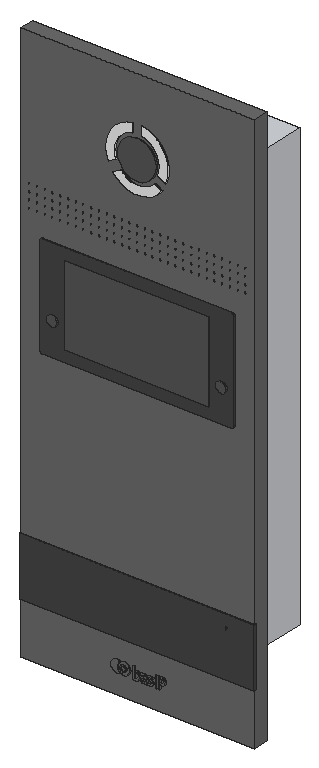
Revit family "BAS-IP_Вызывная панель_AA-12FTI", category Устройства связи, Revit 2019
Family settings
  Сохранять ориентацию аннотаций = Нет
  Размер круглого соединителя = Использовать диаметр
  Тип детали = Нормальный
  На основе рабочей плоскости = Нет
  Всегда вертикально = Да
  При загрузке вырезать с полостями = Нет
  Общий = Нет
  Точка расчета площади = Нет
Parameters (values of type "Черный")
  Цветовое решение = "Черный"
  Цвет = Black silver 2
  Угол обзора камеры = "110° (по горизонтали)"
  УГО_Смещение_Y [instance] = 0 mm
  УГО_Смещение_X [instance] = 0 mm
  Тип установки = "Врезной, накладной с BR-AA12"
  Тип панели = "Многоабонентская"
  Тип клавиатуры = "Пьезоэлектрические кнопки с подсветкой"
  Температурный режим = "-40 – +65 °С"
  Разрешение = "2 Мп"
  Размер самой панели = "158 × 380 × 49 мм"
  Размер под установку = "142 × 358 × 58 мм"
  Потребление питания = "6,5 Вт, в режиме ожидания - 3,6 Вт"
  Питание = "PoE,+12 В постоянного тока"
  Ночная подсветка = "6 светодиодов"
  Минимальная освещенность = "0,01 Люкс"
  Корпус = "Алюминий"
  Класс степени защиты = "IP65"
  Камера = "1/4”"
  Изготовитель = "BAS-IP"  # constant formula
  Зона обслуживания [instance] = no
  Дисплей = "4,3” TFT, цветной с подсветкой"
  Выходное видео = "Full HD (1920 × 1080), H.264 Main Profile"
  IK-код = "IK07"
  ADSK_Размер_Смещение от уровня [instance] = 1000 mm
  ADSK_Примечание [instance] = ""
  ADSK_Позиция [instance] = ""
  ADSK_Наименование = "Многоабонентская IP вызывная панель"
  ADSK_Материал = Black silver
  ADSK_Марка = "AA-12FTI Black"
  ADSK_Количество = 1  # constant formula
  ADSK_Код изделия = ""
  ADSK_Завод-изготовитель = "BAS-IP"  # constant formula
  ADSK_Единица измерения = "шт."  # constant formula
Types (2, lengths in mm): name | Цветовое решение | Цвет | ADSK_Материал | ADSK_Марка
  Серебристый | "Серебристый" | Gray silver | Silver | "AA-12FTI Silver"
  Черный | "Черный" | Black silver 2 | Black silver | "AA-12FTI Black"
Reference planes
  plane 1 "По центру (Вперед/Назад)": y = 0
  plane 2: z = 0
  plane 3 "По центру (Влево/Вправо)": x = 0
  plane 4: z = 1000
  plane 5: z = 0
  plane 6: y = 0
  plane 7: x = 0
Forms (mm)
  Extrusion 1, solid, material "Black silver" <- "ADSK_Материал", detail levels medium+fine
    sketch origin (0, 0, 1000) x (1, 0, 0) y (0, 0, 1)
      loop
        line (-79, 0) -> (79, 0) -> (79, 380) -> (-79, 380) -> (-79, 0)
    from 0 to 10
  Extrusion 2, solid, detail levels medium+fine
    sketch origin (0, 0, 1000) x (1, 0, 0) y (0, 0, 1)
      loop
        line (-70, 350) -> (-70, 50) -> (70, 50) -> (70, 350) -> (-70, 350)
    from -39 to 0
  Extrusion 3, solid, material "Black silver 2" <- "Цвет", detail levels fine
    sketch origin (0, -7.5, 1000) x (1, 0, 0) y (0, 0, 1)
      loop
        line (-79, 75) -> (-79, 35) -> (79, 35) -> (79, 75) -> (-79, 75)
    from 2 to 3
  Extrusion 4, solid, material "Black", detail levels fine
    sketch origin (0, -8, 1000) x (1, 0, 0) y (0, 0, 1)
      loop
        line (-48.5, 250.279) -> (-48.5, 196.279) -> (48.5, 196.279) -> (48.5, 250.279) -> (-48.5, 250.279)
    from 1.5 to 3
  Extrusion 5, solid, material "Black", detail levels fine
    sketch origin (-31.906, -8, 1153.53) x (1, 0, 0) y (0, 0, 1)
      loop
        circle (-25.094, 57.291) r 3.5
      loop
        circle (88.906, 57.291) r 3.5
    from 1.5 to 3
  Extrusion 6, void, detail levels fine
    sketch origin (0, -8, 1020) x (1, 0, 0) y (0, 0, 1)
      loop
        circle (60.5, 46.187) r 1
    from 0 to 2.5
  Extrusion 7, solid, material "Black silver 2" <- "Цвет", detail levels fine
    sketch origin (-5.5, -7.5, 1120) x (1, 0, 0) y (0, 0, 1)
      loop
        arc (-58, 138.279) -> (-59.414, 137.693) -> (-60, 136.279) r 2
        line (-60, 136.279) -> (-60, 70.279)
        arc (-60, 70.279) -> (-59.414, 68.864) -> (-58, 68.279) r 2
        line (-58, 68.279) -> (69, 68.279)
        arc (69, 68.279) -> (70.414, 68.864) -> (71, 70.279) r 2
        line (71, 70.279) -> (71, 136.279)
        arc (71, 136.279) -> (70.414, 137.693) -> (69, 138.279) r 2
        line (69, 138.279) -> (-58, 138.279)
    from 2 to 3
  Extrusion 8, solid, material "Black", detail levels fine
    sketch origin (0, -7.5, 1193.228) x (1, 0, 0) y (0, 0, 1)
      loop
        circle (0, 135.001) r 13
    from 2 to 3
  Extrusion 9, solid, material "White", detail levels fine
    sketch origin (0, -7.5, 1193.228) x (1, 0, 0) y (0, 0, 1)
      loop
        arc (-14.192, 130.272) -> (-13.253, 142.888) -> (-3, 150.299) r 15
        line (-3, 150.299) -> (-3, 156.293)
        arc (-3, 156.293) -> (-18.287, 145.815) -> (-19.322, 127.31) r 21
        line (-19.322, 127.31) -> (-14.192, 130.272)
      loop
        line (14.192, 130.272) -> (19.322, 127.31)
        arc (19.322, 127.31) -> (18.287, 145.815) -> (3, 156.293) r 21
        line (3, 156.293) -> (3, 150.299)
        arc (3, 150.299) -> (13.253, 142.888) -> (14.192, 130.272) r 15
      loop
        line (-11.192, 125.075) -> (-16.322, 122.114)
        arc (-16.322, 122.114) -> (0.221, 113.757) -> (16.939, 121.757) r 21
        line (16.939, 121.757) -> (11.749, 124.754)
        arc (11.749, 124.754) -> (0.204, 119.58) -> (-11.192, 125.075) r 15
    from 2 to 3
  Extrusion 10, void, detail levels fine
    sketch origin (-245.846, -8, 1270.993) x (1, 0, 0) y (0, 0, 1)
      loop
        circle (245.846, 17.039) r 0.5
      loop
        circle (245.846, 12.039) r 0.5
      loop
        circle (245.846, 7.039) r 0.5
      loop
        circle (245.846, 2.039) r 0.5
      loop
        circle (240.596, 17.039) r 0.5
      loop
        circle (240.596, 12.039) r 0.5
      loop
        circle (240.596, 7.039) r 0.5
      loop
        circle (240.596, 2.039) r 0.5
      loop
        circle (235.658, 17.039) r 0.5
      loop
        circle (235.658, 12.039) r 0.5
      loop
        circle (235.658, 7.039) r 0.5
      loop
        circle (235.658, 2.039) r 0.5
      loop
        circle (251.096, 17.039) r 0.5
      loop
        circle (251.096, 12.039) r 0.5
      loop
        circle (251.096, 7.039) r 0.5
      loop
        circle (251.096, 2.039) r 0.5
      loop
        circle (256.033, 17.039) r 0.5
      loop
        circle (256.033, 12.039) r 0.5
      loop
        circle (256.033, 7.039) r 0.5
      loop
        circle (256.033, 2.039) r 0.5
    from 0 to 2
  Extrusion 11, void, detail levels fine
    sketch origin (-245.846, -8, 1190.993) x (1, 0, 0) y (0, 0, 1)
      loop
        circle (209.254, 97.039) r 0.5
      loop
        circle (204.316, 97.039) r 0.5
      loop
        circle (199.066, 97.039) r 0.5
      loop
        circle (214.754, 97.039) r 0.5
      loop
        circle (220.004, 97.039) r 0.5
      loop
        circle (193.816, 97.039) r 0.5
      loop
        circle (188.629, 97.039) r 0.5
      loop
        circle (183.379, 97.039) r 0.5
      loop
        circle (178.129, 97.039) r 0.5
      loop
        circle (172.879, 97.039) r 0.5
      loop
        circle (225.316, 97.039) r 0.5
      loop
        circle (230.316, 97.039) r 0.5
      loop
        circle (209.254, 92.039) r 0.5
      loop
        circle (204.316, 92.039) r 0.5
      loop
        circle (199.066, 92.039) r 0.5
      loop
        circle (214.754, 92.039) r 0.5
      loop
        circle (220.004, 92.039) r 0.5
      loop
        circle (193.816, 92.039) r 0.5
      loop
        circle (188.629, 92.039) r 0.5
      loop
        circle (183.379, 92.039) r 0.5
      loop
        circle (178.129, 92.039) r 0.5
      loop
        circle (172.879, 92.039) r 0.5
      loop
        circle (225.316, 92.039) r 0.5
      loop
        circle (230.316, 92.039) r 0.5
      loop
        circle (209.254, 87.039) r 0.5
      loop
        circle (204.316, 87.039) r 0.5
      loop
        circle (199.066, 87.039) r 0.5
      loop
        circle (214.754, 87.039) r 0.5
      loop
        circle (220.004, 87.039) r 0.5
      loop
        circle (193.816, 87.039) r 0.5
      loop
        circle (188.629, 87.039) r 0.5
      loop
        circle (183.379, 87.039) r 0.5
      loop
        circle (178.129, 87.039) r 0.5
      loop
        circle (172.879, 87.039) r 0.5
      loop
        circle (225.316, 87.039) r 0.5
      loop
        circle (230.316, 87.039) r 0.5
      loop
        circle (209.254, 82.039) r 0.5
      loop
        circle (204.316, 82.039) r 0.5
      loop
        circle (199.066, 82.039) r 0.5
      loop
        circle (214.754, 82.039) r 0.5
      loop
        circle (220.004, 82.039) r 0.5
      loop
        circle (193.816, 82.039) r 0.5
      loop
        circle (188.629, 82.039) r 0.5
      loop
        circle (183.379, 82.039) r 0.5
      loop
        circle (178.129, 82.039) r 0.5
      loop
        circle (172.879, 82.039) r 0.5
      loop
        circle (225.316, 82.039) r 0.5
      loop
        circle (230.316, 82.039) r 0.5
      loop
        circle (282.437, 97.039) r 0.5
      loop
        circle (287.375, 97.039) r 0.5
      loop
        circle (292.625, 97.039) r 0.5
      loop
        circle (276.937, 97.039) r 0.5
      loop
        circle (271.687, 97.039) r 0.5
      loop
        circle (297.875, 97.039) r 0.5
      loop
        circle (303.062, 97.039) r 0.5
      loop
        circle (308.312, 97.039) r 0.5
      loop
        circle (313.562, 97.039) r 0.5
      loop
        circle (318.812, 97.039) r 0.5
      loop
        circle (266.375, 97.039) r 0.5
      loop
        circle (261.375, 97.039) r 0.5
      loop
        circle (282.437, 92.039) r 0.5
      loop
        circle (287.375, 92.039) r 0.5
      loop
        circle (292.625, 92.039) r 0.5
      loop
        circle (276.937, 92.039) r 0.5
      loop
        circle (271.687, 92.039) r 0.5
      loop
        circle (297.875, 92.039) r 0.5
      loop
        circle (303.062, 92.039) r 0.5
      loop
        circle (308.312, 92.039) r 0.5
      loop
        circle (313.562, 92.039) r 0.5
      loop
        circle (318.812, 92.039) r 0.5
      loop
        circle (266.375, 92.039) r 0.5
      loop
        circle (261.375, 92.039) r 0.5
      loop
        circle (282.437, 87.039) r 0.5
      loop
        circle (287.375, 87.039) r 0.5
      loop
        circle (292.625, 87.039) r 0.5
      loop
        circle (276.937, 87.039) r 0.5
      loop
        circle (271.687, 87.039) r 0.5
      loop
        circle (297.875, 87.039) r 0.5
      loop
        circle (303.062, 87.039) r 0.5
      loop
        circle (308.312, 87.039) r 0.5
      loop
        circle (313.562, 87.039) r 0.5
      loop
        circle (318.812, 87.039) r 0.5
      loop
        circle (266.375, 87.039) r 0.5
      loop
        circle (261.375, 87.039) r 0.5
      loop
        circle (282.437, 82.039) r 0.5
      loop
        circle (287.375, 82.039) r 0.5
      loop
        circle (292.625, 82.039) r 0.5
      loop
        circle (276.937, 82.039) r 0.5
      loop
        circle (271.687, 82.039) r 0.5
      loop
        circle (297.875, 82.039) r 0.5
      loop
        circle (303.062, 82.039) r 0.5
      loop
        circle (308.312, 82.039) r 0.5
      loop
        circle (313.562, 82.039) r 0.5
      loop
        circle (318.812, 82.039) r 0.5
      loop
        circle (266.375, 82.039) r 0.5
      loop
        circle (261.375, 82.039) r 0.5
    from 1 to 2
  Extrusion 12, solid, material "Black silver" <- "ADSK_Материал", not visible, detail levels medium+fine
    sketch origin (0, 0, 0) x (1, 0, 0) y (0, 0, 1)
      loop
        line (-79, 0) -> (79, 0) -> (79, 380) -> (-79, 380) -> (-79, 0)
    from 0 to 10
  Extrusion 13, solid, not visible, detail levels medium+fine
    sketch origin (0, 0, 0) x (1, 0, 0) y (0, 0, 1)
      loop
        line (-70, 350) -> (-70, 50) -> (70, 50) -> (70, 350) -> (-70, 350)
    from -39 to 0
  Extrusion 14, solid, material "Black silver 2" <- "Цвет", not visible, detail levels fine
    sketch origin (0, -7.5, 0) x (1, 0, 0) y (0, 0, 1)
      loop
        line (-79, 75) -> (-79, 35) -> (79, 35) -> (79, 75) -> (-79, 75)
    from 2 to 3
  Extrusion 15, solid, material "Black", not visible, detail levels fine
    sketch origin (0, -8, 0) x (1, 0, 0) y (0, 0, 1)
      loop
        line (-48.5, 250.279) -> (-48.5, 196.279) -> (48.5, 196.279) -> (48.5, 250.279) -> (-48.5, 250.279)
    from 1.5 to 3
  Extrusion 16, solid, material "Black", not visible, detail levels fine
    sketch origin (-31.906, -8, 153.53) x (1, 0, 0) y (0, 0, 1)
      loop
        circle (-25.094, 57.291) r 3.5
      loop
        circle (88.906, 57.291) r 3.5
    from 1.5 to 3
  Extrusion 17, void, not visible, detail levels fine
    sketch origin (0, -8, 20) x (1, 0, 0) y (0, 0, 1)
      loop
        circle (60.5, 46.187) r 1
    from 0 to 2.5
  Extrusion 18, solid, material "Black silver 2" <- "Цвет", not visible, detail levels fine
    sketch origin (-5.5, -7.5, 120) x (1, 0, 0) y (0, 0, 1)
      loop
        arc (-58, 138.279) -> (-59.414, 137.693) -> (-60, 136.279) r 2
        line (-60, 136.279) -> (-60, 70.279)
        arc (-60, 70.279) -> (-59.414, 68.864) -> (-58, 68.279) r 2
        line (-58, 68.279) -> (69, 68.279)
        arc (69, 68.279) -> (70.414, 68.864) -> (71, 70.279) r 2
        line (71, 70.279) -> (71, 136.279)
        arc (71, 136.279) -> (70.414, 137.693) -> (69, 138.279) r 2
        line (69, 138.279) -> (-58, 138.279)
    from 2 to 3
  Extrusion 19, solid, material "Black", not visible, detail levels fine
    sketch origin (0, -7.5, 193.228) x (1, 0, 0) y (0, 0, 1)
      loop
        circle (0, 135.001) r 13
    from 2 to 3
  Extrusion 20, solid, material "White", not visible, detail levels fine
    sketch origin (0, -7.5, 193.228) x (1, 0, 0) y (0, 0, 1)
      loop
        arc (-14.192, 130.272) -> (-13.253, 142.888) -> (-3, 150.299) r 15
        line (-3, 150.299) -> (-3, 156.293)
        arc (-3, 156.293) -> (-18.287, 145.815) -> (-19.322, 127.31) r 21
        line (-19.322, 127.31) -> (-14.192, 130.272)
      loop
        line (14.192, 130.272) -> (19.322, 127.31)
        arc (19.322, 127.31) -> (18.287, 145.815) -> (3, 156.293) r 21
        line (3, 156.293) -> (3, 150.299)
        arc (3, 150.299) -> (13.253, 142.888) -> (14.192, 130.272) r 15
      loop
        line (-11.192, 125.075) -> (-16.322, 122.114)
        arc (-16.322, 122.114) -> (0.221, 113.757) -> (16.939, 121.757) r 21
        line (16.939, 121.757) -> (11.749, 124.754)
        arc (11.749, 124.754) -> (0.204, 119.58) -> (-11.192, 125.075) r 15
    from 2 to 3
  Extrusion 21, void, not visible, detail levels fine
    sketch origin (-245.846, -8, 270.993) x (1, 0, 0) y (0, 0, 1)
      loop
        circle (245.846, 17.039) r 0.5
      loop
        circle (245.846, 12.039) r 0.5
      loop
        circle (245.846, 7.039) r 0.5
      loop
        circle (245.846, 2.039) r 0.5
      loop
        circle (240.596, 17.039) r 0.5
      loop
        circle (240.596, 12.039) r 0.5
      loop
        circle (240.596, 7.039) r 0.5
      loop
        circle (240.596, 2.039) r 0.5
      loop
        circle (235.658, 17.039) r 0.5
      loop
        circle (235.658, 12.039) r 0.5
      loop
        circle (235.658, 7.039) r 0.5
      loop
        circle (235.658, 2.039) r 0.5
      loop
        circle (251.096, 17.039) r 0.5
      loop
        circle (251.096, 12.039) r 0.5
      loop
        circle (251.096, 7.039) r 0.5
      loop
        circle (251.096, 2.039) r 0.5
      loop
        circle (256.033, 17.039) r 0.5
      loop
        circle (256.033, 12.039) r 0.5
      loop
        circle (256.033, 7.039) r 0.5
      loop
        circle (256.033, 2.039) r 0.5
    from 0 to 2
  Extrusion 22, void, not visible, detail levels fine
    sketch origin (-245.846, -8, 190.993) x (1, 0, 0) y (0, 0, 1)
      loop
        circle (209.254, 97.039) r 0.5
      loop
        circle (204.316, 97.039) r 0.5
      loop
        circle (199.066, 97.039) r 0.5
      loop
        circle (214.754, 97.039) r 0.5
      loop
        circle (220.004, 97.039) r 0.5
      loop
        circle (193.816, 97.039) r 0.5
      loop
        circle (188.629, 97.039) r 0.5
      loop
        circle (183.379, 97.039) r 0.5
      loop
        circle (178.129, 97.039) r 0.5
      loop
        circle (172.879, 97.039) r 0.5
      loop
        circle (225.316, 97.039) r 0.5
      loop
        circle (230.316, 97.039) r 0.5
      loop
        circle (209.254, 92.039) r 0.5
      loop
        circle (204.316, 92.039) r 0.5
      loop
        circle (199.066, 92.039) r 0.5
      loop
        circle (214.754, 92.039) r 0.5
      loop
        circle (220.004, 92.039) r 0.5
      loop
        circle (193.816, 92.039) r 0.5
      loop
        circle (188.629, 92.039) r 0.5
      loop
        circle (183.379, 92.039) r 0.5
      loop
        circle (178.129, 92.039) r 0.5
      loop
        circle (172.879, 92.039) r 0.5
      loop
        circle (225.316, 92.039) r 0.5
      loop
        circle (230.316, 92.039) r 0.5
      loop
        circle (209.254, 87.039) r 0.5
      loop
        circle (204.316, 87.039) r 0.5
      loop
        circle (199.066, 87.039) r 0.5
      loop
        circle (214.754, 87.039) r 0.5
      loop
        circle (220.004, 87.039) r 0.5
      loop
        circle (193.816, 87.039) r 0.5
      loop
        circle (188.629, 87.039) r 0.5
      loop
        circle (183.379, 87.039) r 0.5
      loop
        circle (178.129, 87.039) r 0.5
      loop
        circle (172.879, 87.039) r 0.5
      loop
        circle (225.316, 87.039) r 0.5
      loop
        circle (230.316, 87.039) r 0.5
      loop
        circle (209.254, 82.039) r 0.5
      loop
        circle (204.316, 82.039) r 0.5
      loop
        circle (199.066, 82.039) r 0.5
      loop
        circle (214.754, 82.039) r 0.5
      loop
        circle (220.004, 82.039) r 0.5
      loop
        circle (193.816, 82.039) r 0.5
      loop
        circle (188.629, 82.039) r 0.5
      loop
        circle (183.379, 82.039) r 0.5
      loop
        circle (178.129, 82.039) r 0.5
      loop
        circle (172.879, 82.039) r 0.5
      loop
        circle (225.316, 82.039) r 0.5
      loop
        circle (230.316, 82.039) r 0.5
      loop
        circle (282.437, 97.039) r 0.5
      loop
        circle (287.375, 97.039) r 0.5
      loop
        circle (292.625, 97.039) r 0.5
      loop
        circle (276.937, 97.039) r 0.5
      loop
        circle (271.687, 97.039) r 0.5
      loop
        circle (297.875, 97.039) r 0.5
      loop
        circle (303.062, 97.039) r 0.5
      loop
        circle (308.312, 97.039) r 0.5
      loop
        circle (313.562, 97.039) r 0.5
      loop
        circle (318.812, 97.039) r 0.5
      loop
        circle (266.375, 97.039) r 0.5
      loop
        circle (261.375, 97.039) r 0.5
      loop
        circle (282.437, 92.039) r 0.5
      loop
        circle (287.375, 92.039) r 0.5
      loop
        circle (292.625, 92.039) r 0.5
      loop
        circle (276.937, 92.039) r 0.5
      loop
        circle (271.687, 92.039) r 0.5
      loop
        circle (297.875, 92.039) r 0.5
      loop
        circle (303.062, 92.039) r 0.5
      loop
        circle (308.312, 92.039) r 0.5
      loop
        circle (313.562, 92.039) r 0.5
      loop
        circle (318.812, 92.039) r 0.5
      loop
        circle (266.375, 92.039) r 0.5
      loop
        circle (261.375, 92.039) r 0.5
      loop
        circle (282.437, 87.039) r 0.5
      loop
        circle (287.375, 87.039) r 0.5
      loop
        circle (292.625, 87.039) r 0.5
      loop
        circle (276.937, 87.039) r 0.5
      loop
        circle (271.687, 87.039) r 0.5
      loop
        circle (297.875, 87.039) r 0.5
      loop
        circle (303.062, 87.039) r 0.5
      loop
        circle (308.312, 87.039) r 0.5
      loop
        circle (313.562, 87.039) r 0.5
      loop
        circle (318.812, 87.039) r 0.5
      loop
        circle (266.375, 87.039) r 0.5
      loop
        circle (261.375, 87.039) r 0.5
      loop
        circle (282.437, 82.039) r 0.5
      loop
        circle (287.375, 82.039) r 0.5
      loop
        circle (292.625, 82.039) r 0.5
      loop
        circle (276.937, 82.039) r 0.5
      loop
        circle (271.687, 82.039) r 0.5
      loop
        circle (297.875, 82.039) r 0.5
      loop
        circle (303.062, 82.039) r 0.5
      loop
        circle (308.312, 82.039) r 0.5
      loop
        circle (313.562, 82.039) r 0.5
      loop
        circle (318.812, 82.039) r 0.5
      loop
        circle (266.375, 82.039) r 0.5
      loop
        circle (261.375, 82.039) r 0.5
    from 1 to 2
Cuts and joins
  Extrusion 6, Extrusion 10, Extrusion 11 cuts Extrusion 1
  Extrusion 6, Extrusion 10 cuts Extrusion 2
  Extrusion 6 cuts Extrusion 3
Dimensions and locks
  "ADSK_Размер_Смещение от уровня": plane 4 to plane 2
  "УГО_Смещение_X": plane 3 "По центру (Влево/Вправо)" to plane 7
  "УГО_Смещение_Y": plane 6 to plane 1 "По центру (Вперед/Назад)"
  aligned and locked: level to plane 2
  aligned and locked: cut or joined group of Extrusion 1, Extrusion 6, Extrusion 10, Extrusion 11 to plane 4
  aligned and locked: nested 5 to plane 6
  aligned and locked: plane 7 to nested 5
Automatic sketch dimensions
  Extrusion 1 sketch curve to Extrusion 1 sketch curve = 380 mm
  Extrusion 2 sketch curve to Extrusion 2 sketch curve = 300 mm
  Extrusion 3 sketch curve to Extrusion 3 sketch curve = 40 mm
  Extrusion 4 sketch curve to Extrusion 4 sketch curve = 54 mm
  Extrusion 5 sketch curve to Extrusion 5 sketch curve = 0 mm
  Extrusion 7 sketch curve to Extrusion 7 sketch curve = 2 mm  (x3)
  Extrusion 7 sketch curve to Extrusion 7 sketch curve = 66 mm
  Extrusion 9 sketch curve to Extrusion 9 sketch curve = 3 mm
  Extrusion 9 sketch curve to Extrusion 9 sketch curve = 5.13 mm  (x3)
  Extrusion 9 sketch curve to Extrusion 9 sketch curve = 0.032 mm
  Extrusion 9 sketch curve to Extrusion 9 sketch curve = 2.443 mm
  Extrusion 9 sketch curve to Extrusion 9 sketch curve = 5.191 mm
  Extrusion 9 sketch curve to Extrusion 9 sketch curve = 0.356 mm
  Extrusion 9 sketch curve to Extrusion 9 sketch curve = 2.997 mm
  Extrusion 9 sketch curve to Extrusion 9 sketch curve = 2.962 mm  (x3)
  Extrusion 9 sketch curve to Extrusion 9 sketch curve = 5.196 mm
  Extrusion 9 sketch curve to Extrusion 9 sketch curve = 5.553 mm
  Extrusion 9 sketch curve to Extrusion 9 sketch curve = 0.754 mm
  Extrusion 9 sketch curve to Extrusion 9 sketch curve = 0 mm
  Extrusion 9 sketch curve to Extrusion 9 sketch curve = 0.061 mm  (x2)
  Extrusion 10 sketch curve to Extrusion 10 sketch curve = 0 mm  (x19)
  Extrusion 10 sketch curve to Extrusion 10 sketch curve = 4.938 mm  (x8)
  Extrusion 10 sketch curve to Extrusion 10 sketch curve = 5 mm  (x9)
  Extrusion 11 sketch curve to Extrusion 11 sketch curve = 0 mm  (x86)
  Extrusion 11 sketch curve to Extrusion 11 sketch curve = 5.25 mm  (x20)
  Extrusion 11 sketch curve to Extrusion 11 sketch curve = 5.188 mm  (x3)
  Extrusion 11 sketch curve to Extrusion 11 sketch curve = 4.937 mm  (x8)
  Extrusion 11 sketch curve to Extrusion 11 sketch curve = 5.5 mm  (x4)
  Extrusion 11 sketch curve to Extrusion 11 sketch curve = 5.313 mm  (x3)
  Extrusion 11 sketch curve to Extrusion 11 sketch curve = 5 mm  (x65)
  Extrusion 1 sketch curve to Extrusion 1 sketch curve = 158 mm
  Extrusion 2 sketch curve to Extrusion 2 sketch curve = 140 mm
  Extrusion 3 sketch curve to Extrusion 3 sketch curve = 158 mm
  Extrusion 4 sketch curve to Extrusion 4 sketch curve = 97 mm
  Extrusion 5 sketch curve to Extrusion 5 sketch curve = 114 mm
  Extrusion 7 sketch curve to Extrusion 7 sketch curve = 127 mm
  Extrusion 7 sketch curve to Extrusion 7 sketch curve = 0 mm
  Extrusion 9 sketch curve to Extrusion 9 sketch curve = 11.192 mm
  Extrusion 9 sketch curve to Extrusion 9 sketch curve = 2.841 mm
  Extrusion 9 sketch curve to Extrusion 9 sketch curve = 0.148 mm  (x2)
  Extrusion 9 sketch curve to Extrusion 9 sketch curve = 0.021 mm
  Extrusion 9 sketch curve to Extrusion 9 sketch curve = 0.403 mm
  Extrusion 9 sketch curve to Extrusion 9 sketch curve = 6 mm
  Extrusion 9 sketch curve to Extrusion 9 sketch curve = 11.335 mm
  Extrusion 10 sketch curve to Extrusion 10 sketch curve = 5.25 mm  (x2)
  Extrusion 11 sketch curve to Extrusion 11 sketch curve = 31.058 mm
  Extrusion 12 sketch curve to Extrusion 12 sketch curve = 380 mm
  Extrusion 13 sketch curve to Extrusion 13 sketch curve = 300 mm
  Extrusion 14 sketch curve to Extrusion 14 sketch curve = 40 mm
  Extrusion 15 sketch curve to Extrusion 15 sketch curve = 54 mm
  Extrusion 16 sketch curve to Extrusion 16 sketch curve = 0 mm
  Extrusion 18 sketch curve to Extrusion 18 sketch curve = 2 mm  (x3)
  Extrusion 18 sketch curve to Extrusion 18 sketch curve = 66 mm
  Extrusion 20 sketch curve to Extrusion 20 sketch curve = 3 mm
  Extrusion 20 sketch curve to Extrusion 20 sketch curve = 5.13 mm  (x3)
  Extrusion 20 sketch curve to Extrusion 20 sketch curve = 0.032 mm
  Extrusion 20 sketch curve to Extrusion 20 sketch curve = 2.443 mm
  Extrusion 20 sketch curve to Extrusion 20 sketch curve = 5.191 mm
  Extrusion 20 sketch curve to Extrusion 20 sketch curve = 0.356 mm
  Extrusion 20 sketch curve to Extrusion 20 sketch curve = 2.997 mm
  Extrusion 20 sketch curve to Extrusion 20 sketch curve = 2.962 mm  (x3)
  Extrusion 20 sketch curve to Extrusion 20 sketch curve = 5.196 mm
  Extrusion 20 sketch curve to Extrusion 20 sketch curve = 5.553 mm
  Extrusion 20 sketch curve to Extrusion 20 sketch curve = 0.754 mm
  Extrusion 20 sketch curve to Extrusion 20 sketch curve = 0 mm
  Extrusion 20 sketch curve to Extrusion 20 sketch curve = 0.061 mm  (x2)
  Extrusion 21 sketch curve to Extrusion 21 sketch curve = 0 mm  (x19)
  Extrusion 21 sketch curve to Extrusion 21 sketch curve = 4.938 mm  (x8)
  Extrusion 21 sketch curve to Extrusion 21 sketch curve = 5 mm  (x9)
  Extrusion 22 sketch curve to Extrusion 22 sketch curve = 0 mm  (x86)
  Extrusion 22 sketch curve to Extrusion 22 sketch curve = 5.25 mm  (x20)
  Extrusion 22 sketch curve to Extrusion 22 sketch curve = 5.188 mm  (x3)
  Extrusion 22 sketch curve to Extrusion 22 sketch curve = 4.937 mm  (x8)
  Extrusion 22 sketch curve to Extrusion 22 sketch curve = 5.5 mm  (x4)
  Extrusion 22 sketch curve to Extrusion 22 sketch curve = 5.313 mm  (x3)
  Extrusion 22 sketch curve to Extrusion 22 sketch curve = 5 mm  (x65)
  Extrusion 12 sketch curve to Extrusion 12 sketch curve = 158 mm
  Extrusion 13 sketch curve to Extrusion 13 sketch curve = 140 mm
  Extrusion 14 sketch curve to Extrusion 14 sketch curve = 158 mm
  Extrusion 15 sketch curve to Extrusion 15 sketch curve = 97 mm
  Extrusion 16 sketch curve to Extrusion 16 sketch curve = 114 mm
  Extrusion 18 sketch curve to Extrusion 18 sketch curve = 127 mm
  Extrusion 18 sketch curve to Extrusion 18 sketch curve = 0 mm
  Extrusion 20 sketch curve to Extrusion 20 sketch curve = 11.192 mm
  Extrusion 20 sketch curve to Extrusion 20 sketch curve = 2.841 mm
  Extrusion 20 sketch curve to Extrusion 20 sketch curve = 0.148 mm  (x2)
  Extrusion 20 sketch curve to Extrusion 20 sketch curve = 0.021 mm
  Extrusion 20 sketch curve to Extrusion 20 sketch curve = 0.403 mm
  Extrusion 20 sketch curve to Extrusion 20 sketch curve = 6 mm
  Extrusion 20 sketch curve to Extrusion 20 sketch curve = 11.335 mm
  Extrusion 21 sketch curve to Extrusion 21 sketch curve = 5.25 mm  (x2)
  Extrusion 22 sketch curve to Extrusion 22 sketch curve = 31.058 mm
  radius of Extrusion 5 sketch curve = 3.5 mm  (x2)
  radius of Extrusion 6 sketch curve = 1 mm
  radius of Extrusion 8 sketch curve = 13 mm
  radius of Extrusion 10 sketch curve = 0.5 mm  (x20)
  radius of Extrusion 11 sketch curve = 0.5 mm  (x96)
  radius of Extrusion 16 sketch curve = 3.5 mm  (x2)
  radius of Extrusion 17 sketch curve = 1 mm
  radius of Extrusion 19 sketch curve = 13 mm
  radius of Extrusion 21 sketch curve = 0.5 mm  (x20)
  radius of Extrusion 22 sketch curve = 0.5 mm  (x96)
Nested families
  nested 1: "BAS-IP_Logo_M" at (1.25, -9.5, 1009.912), Материал <- "ADSK_Материал", type "BAS-IP_Logo_M", detail levels fine
    with Материал Black silver
  nested 2: "Зона обслуживания" at (0, 0, 950), visible <- "Зона обслуживания", type "Зона обслуживания", detail levels fine
    with ADSK_Размер_Ширина 258 mm, ADSK_Размер_Высота 480 mm
  nested 3: "BAS-IP_Logo_M" at (1.25, -9.5, 9.912), Материал <- "ADSK_Материал", type "BAS-IP_Logo_M", not visible, detail levels fine
    with Материал Black silver
  nested 4: "Зона обслуживания" at (0, 0, -50), visible <- "Зона обслуживания", type "Зона обслуживания", not visible, detail levels fine
    with ADSK_Размер_Ширина 258 mm, ADSK_Размер_Высота 480 mm
  nested 5: "УГО_Вызывная панель" at (0, 0, 0), type "УГО_Вызывная панель", detail levels coarse+medium
Connectors
  electrical at (0, 19.5, 1050)
    settings: on cut or joined group of Extrusion 2, Extrusion 6, Extrusion 10, index 1, voltage 0 V, apparent load 0 VA, apparent load phase1 0 VA, apparent load phase2 0 VA, apparent load phase3 0 VA, power factor 1, load classification "Прочее", number of poles 1, system type 12, power factor state 1, is connector primary yes, connector utility no, sub classification motor no, connector description ""
Definition of nested family "BAS-IP_Logo_M"
  Parameters (values of type "BAS-IP_Logo_M")
    Материал [instance] = none
  Reference planes
    plane 1 "По центру (Вперед/Назад)": y = 0
    plane 2: z = 0
    plane 3 "По центру (Влево/Вправо)": x = 0
  Forms (mm)
    Extrusion 1, solid, material <- "Материал"
      sketch origin (0, 0, 0) x (1, 0, 0) y (0, 0, 1)
        loop
          circle (-10.243, 7.572) r 4
        loop
          circle (-10.243, 7.572) r 2.5
        loop
          circle (-10.243, 7.572) r 1.243
        loop
          line (-4.278, 11.609) -> (-4.278, 3.732)
          arc (-4.278, 3.732) -> (-2.247, 3.328) -> (-0.257, 3.903) r 4.38
          arc (-0.257, 3.903) -> (0.741, 6.101) -> (0.156, 8.443) r 3.668
          arc (0.156, 8.443) -> (-1.569, 9.278) -> (-3.12, 8.15) r 1.865
          line (-3.12, 8.15) -> (-3.12, 11.609) -> (-4.278, 11.609)
        loop
          line (4.381, 6.953) -> (2.708, 6.953)
          arc (2.708, 6.953) -> (1.143, 5.381) -> (2.193, 3.427) r 1.862
          line (2.193, 3.427) -> (5.385, 3.427)
          spline (5.385, 3.427) -> (5.486, 5.401) -> (5.48, 6.79) -> (5.388, 7.706) -> (5.23, 8.264) -> (5.026, 8.577) -> (4.796, 8.758) -> (4.549, 8.897) -> (4.259, 9.009) -> (3.891, 9.099) -> (3.39, 9.158) -> (2.65, 9.166) -> (1.566, 9.098)
          line (1.566, 9.098) -> (1.566, 8.205) -> (3.504, 8.205)
          arc (3.504, 8.205) -> (4.308, 7.835) -> (4.381, 6.953) r 0.878
        loop
          line (4.435, 6.281) -> (2.787, 6.281)
          arc (2.787, 6.281) -> (2.181, 5.255) -> (2.787, 4.229) r 1.171
          line (2.787, 4.229) -> (4.435, 4.229) -> (4.435, 6.281)
        loop
          line (-3.12, 7.277) -> (-3.12, 4.229)
          spline (-3.12, 4.229) -> (-1.778, 4.351) -> (-1.027, 4.671) -> (-0.608, 5.124) -> (-0.387, 5.678) -> (-0.289, 6.314) -> (-0.287, 6.974) -> (-0.427, 7.548) -> (-0.729, 7.952) -> (-1.126, 8.215) -> (-1.608, 8.34) -> (-2.312, 8.201) -> (-3.12, 7.277)
        loop
          spline (9.581, 9.006) -> (7.442, 9.112) -> (6.715, 8.885) -> (6.189, 8.423) -> (5.956, 7.76) -> (6.101, 7.123) -> (6.592, 6.658) -> (7.485, 6.226) -> (8.365, 5.733) -> (8.728, 5.173) -> (8.637, 4.701) -> (7.962, 4.38) -> (5.949, 4.472)
          line (5.949, 4.472) -> (5.865, 3.511)
          spline (5.865, 3.511) -> (7.993, 3.471) -> (9.031, 3.799) -> (9.606, 4.389) -> (9.789, 5.108) -> (9.608, 5.795) -> (9.176, 6.297) -> (8.515, 6.666) -> (7.712, 7.034) -> (7.093, 7.494) -> (7.013, 7.974) -> (7.796, 8.265) -> (9.507, 8.157)
          line (9.507, 8.157) -> (9.581, 9.006)
        loop
          line (11.296, 11.417) -> (11.296, 3.427) -> (12.325, 3.427) -> (12.325, 11.417) -> (11.296, 11.417)
        loop
          line (13.064, 11.417) -> (13.064, 3.427) -> (14.049, 3.427) -> (14.049, 6.359) -> (15.37, 6.359)
          arc (15.37, 6.359) -> (17.899, 8.888) -> (15.37, 11.417) r 2.529
          line (15.37, 11.417) -> (13.064, 11.417)
        loop
          line (14.049, 7.221) -> (15.318, 7.221)
          arc (15.318, 7.221) -> (16.739, 8.701) -> (15.638, 10.433) r 1.661
          line (15.638, 10.433) -> (14.049, 10.433) -> (14.049, 7.221)
      from 0 to 1
    Extrusion 2, solid, material <- "Материал"
      sketch origin (0, 0, 0) x (1, 0, 0) y (0, 0, 1)
        loop
          arc (-12.57, 10.825) -> (-18.868, 7.551) -> (-12.57, 4.276) r 4
          arc (-12.57, 4.276) -> (-14.235, 7.551) -> (-12.57, 10.825) r 4.053
      from 0 to 1
  Dimensions and locks
    aligned and locked: level to plane 2
Definition of nested family "Зона обслуживания"
  Parameters (values of type "Семейство1")
    Зона обслуживания = none
    ADSK_Размер_Ширина = 200 mm
    ADSK_Размер_Глубина = 120 mm
    ADSK_Размер_Высота = 250 mm
  Reference planes
    plane 1 "По центру (Вперед/Назад)": y = 0
    plane 2: z = 0
    plane 3 "По центру (Влево/Вправо)": x = 0
  Forms (mm)
    Extrusion 1, solid, material <- "Зона обслуживания"
      sketch origin (0, 0, 0) x (1, 0, 0) y (0, 1, 0)
        loop
          line (-100, 0) -> (-100, -120) -> (100, -120) -> (100, 0) -> (-100, 0)
      from 0 to 250 <- "ADSK_Размер_Высота"
  Dimensions and locks
    "ADSK_Размер_Глубина": Extrusion 1 sketch curve to plane 1 "По центру (Вперед/Назад)"
    equal spacing: Extrusion 1 sketch curve, plane 3 "По центру (Влево/Вправо)", Extrusion 1 sketch curve
    "ADSK_Размер_Ширина": Extrusion 1 sketch curve to Extrusion 1 sketch curve
    aligned and locked: level to plane 2
  Automatic sketch dimensions
    plane 1 "По центру (Вперед/Назад)" to Extrusion 1 sketch curve = 0 mm
Definition of nested family "УГО_Вызывная панель"
  Reference planes
    plane 1: y = 0
    plane 2: x = 0
  Lines and regions (mm)
    detail lines
      curve 1: line (-2, 0, 0) -> (2, 0, 0)
      curve 2: line (-2.5, -6.5, 0) -> (-2.5, -0.5, 0)
      curve 3: line (2, -7, 0) -> (-2, -7, 0)
      curve 4: line (2.5, -0.5, 0) -> (2.5, -6.5, 0)
      curve 5: arc (2, 0, 0) -> (2.354, -0.146, 0) -> (2.5, -0.5, 0) r 0.5
      curve 6: arc (-2.5, -0.5, 0) -> (-2.354, -0.146, 0) -> (-2, 0, 0) r 0.5
      curve 7: arc (-2, -7, 0) -> (-2.354, -6.854, 0) -> (-2.5, -6.5, 0) r 0.5
      curve 8: arc (2.5, -6.5, 0) -> (2.354, -6.854, 0) -> (2, -7, 0) r 0.5
      curve 9: line (-1.5, -3.39, 0) -> (1.5, -3.39, 0)
      curve 10: line (-1.5, -5.79, 0) -> (-1.5, -3.39, 0)
      curve 11: line (1.5, -5.19, 0) -> (-1.5, -5.19, 0)
      curve 12: line (1.5, -3.39, 0) -> (1.5, -5.79, 0)
      curve 13: circle (0, -1.5, 0) r 0.6 normal (0, 0, 1)
      curve 14: line (-1.5, -3.99, 0) -> (1.5, -3.99, 0)
      curve 15: line (-1.5, -4.59, 0) -> (1.5, -4.59, 0)
      curve 16: line (-0.5, -5.79, 0) -> (-0.5, -3.39, 0)
      curve 17: line (0.5, -5.79, 0) -> (0.5, -3.39, 0)
      curve 18: line (1.5, -5.79, 0) -> (-1.5, -5.79, 0)
